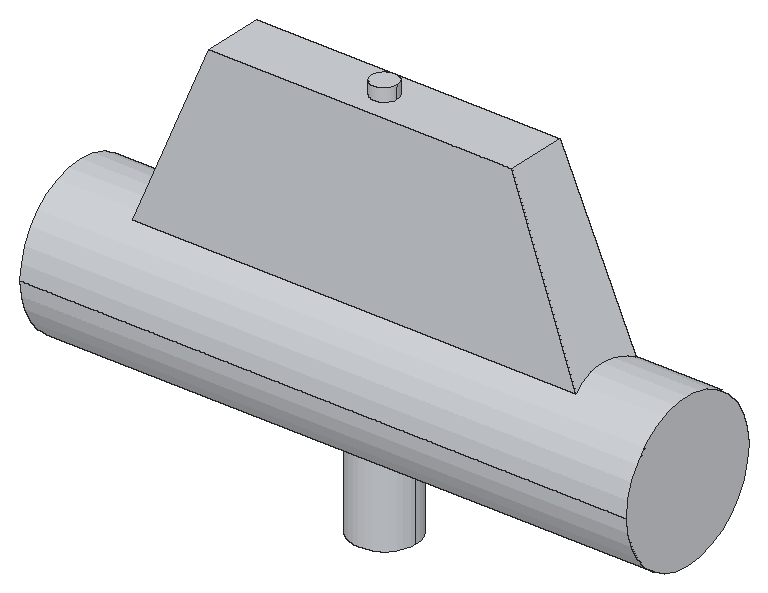
Revit family "c7bd3be1f0cc40f78d4ed2b6dd878249", category Pipe Accessories, Revit 2021
Family settings
  Round Connector Dimension = Use Radius
  Part Type = Breaks Into
  OmniClass Number = 23.65.20.11.11.17
  OmniClass Title = Vents for Liquid Storage Tanks
  Seek Item ID = Air Scoop - 1-1.25 Inch-0000-USA-ENU
  Work Plane-Based = No
  Always vertical = Yes
  Cut with Voids When Loaded = No
  Shared = No
Parameters (values of type "1"")
  Width 2 = 3 / 4 * Nominal Diameter  # 0' - 0 3/4"
  Width 1 = 3 / 5 * Nominal Diameter  # 0' - 0.6"
  Vent Radius = 1/16"
  Vent Outside Radius = 2 * Vent Radius  # 0' - 0 1/8"
  Vent Height = Vent Diameter  # 0' - 0 1/8"
  Vent Flow [instance] = 0 GPM
  Vent Diameter = Vent Radius * 2  # 1/8"
  Separator Length = 0' - 6"
  Separator Height = 0' - 4"
  Outside Radius = 3 / 4 * Nominal Diameter  # 0' - 0 3/4"
  Offset 1 = 2 / 3 * Outside Radius  # 0' - 0 1/2"
  Nominal Radius = 1/2"
  Nominal Diameter = Nominal Radius * 2  # 1"
  Length 2 = 3 / 4 * Separator Length  # 0' - 4 1/2"
  Length 1 = 1 / 2 * Separator Length  # 0' - 3"
  K Coefficient = 1.21
  Flow [instance] = 24 GPM
  Default Elevation = 0' - 0"
  C4 Offset 1 = 0' - 2 1/2"
  Bottom Tank Radius = 1/4"
  Bottom Tank Outside Radius = 1.25 * Bottom Tank Radius  # 0' - 0 5/16"
  Bottom Tank Diameter = Bottom Tank Radius * 2  # 1/2"
  Air Separator Material = none
Types (3): name | Width 2 | Width 1 | Outside Radius | Offset 1 | Nominal Radius | Nominal Diameter
  (no name) | 0' - 0 3/4" | 0' - 0.6" | 0' - 0 3/4" | 0' - 0 1/2" | 1/2" | 1"
  1" | 0' - 0 3/4" | 0' - 0.6" | 0' - 0 3/4" | 0' - 0 1/2" | 1/2" | 1"
  1 1/4" | 0' - 0 15/16" | 0' - 0 3/4" | 0' - 0 15/16" | 0' - 0 5/8" | 5/8" | 1 1/4"
Reference planes (in)
  plane 1 "Center (Front/Back)": y = 0
  plane 2: z = 0
  plane 3 "Center (Left/Right)": x = 0
  plane 4: z = 0.5
  plane 5: z = -1.5
  plane 6: z = 2.375
  plane 7: z = 2.5
  plane 8: y = 0.3
  plane 9: y = -0.3
  plane 10: y = 0.375
  plane 11: y = -0.375
  plane 12: x = -1.5
  plane 13: x = 1.5
  plane 14: x = -2.25
  plane 15: x = 2.25
  plane 16: x = -3
  plane 17: x = 3
Forms (in)
  Extrusion 1, solid, material <- "Air Separator Material"
    sketch origin (-4, -0.85171, 48) x (0, -1, 0) y (0, 0, 1)
      loop
        circle (-0.85171, -48) r 0.75
    from -7 to -1
  Blend 2, solid, material <- "Air Separator Material"
    base sketch origin (0, 0, 0) x (1, 0, 0) y (0, 1, 0)
      loop
        line (-2.25, 0.375) -> (-2.25, -0.375) -> (2.25, -0.375) -> (2.25, 0.375) -> (-2.25, 0.375)
    top sketch origin (0, 0, 0) x (1, 0, 0) y (0, 1, 0)
      loop
        line (-1.5, 0.3) -> (-1.5, -0.3) -> (1.5, -0.3) -> (1.5, 0.3) -> (-1.5, 0.3)
    from 0.5 to 2.375
  Extrusion 3, solid, material <- "Air Separator Material"
    sketch origin (1.33836, -0.00562, 0) x (1, 0, 0) y (0, 1, 0)
      loop
        circle (-1.33836, 0.00562) r 0.125
    from 2.375 to 2.5
  Extrusion 4, solid, material <- "Air Separator Material"
    sketch origin (0, 0, 0) x (1, 0, 0) y (0, 1, 0)
      loop
        circle (0, 0) r 0.3125
    from -1.5 to 0
Cuts and joins
  joined: Extrusion 1, Blend 2, Extrusion 3, Extrusion 4
Dimensions and locks (in)
  "Offset 1": plane 4 to plane 2
  "Vent Height": plane 7 to plane 6
  equal spacing: plane 8, plane 1 "Center (Front/Back)", plane 9
  "Width 1": plane 8 to plane 9
  equal spacing: plane 10, plane 1 "Center (Front/Back)", plane 11
  "Width 2": plane 10 to plane 11
  equal spacing: plane 12, plane 3 "Center (Left/Right)", plane 13
  "Length 1": plane 12 to plane 13
  equal spacing: plane 14, plane 3 "Center (Left/Right)", plane 15
  "Length 2": plane 14 to plane 15
  equal spacing: plane 16, plane 3 "Center (Left/Right)", plane 17
  "Separator Length": plane 16 to plane 17
  "C4 Offset 1": plane 7 to plane 2
  "Separator Height": plane 7 to plane 5
  "Outside Radius": radius of Extrusion 1 sketch curve
  "Vent Outside Radius": radius of Extrusion 3 sketch curve
  "Bottom Tank Outside Radius": radius of Extrusion 4 sketch curve
  aligned and locked: plane 2 to Extrusion 1 sketch curve
  aligned and locked: plane 1 "Center (Front/Back)" to Extrusion 1 sketch curve
  aligned and locked: plane 17 to Extrusion 1
  aligned and locked: plane 16 to Extrusion 1
  aligned and locked: plane 14 to Blend 2 sketch curve
  aligned and locked: Blend 2 sketch curve to plane 10
  aligned and locked: Blend 2 sketch curve to plane 15
  aligned and locked: plane 12 to Blend 2 sketch curve
  aligned and locked: Blend 2 sketch curve to plane 8
  aligned and locked: Blend 2 sketch curve to plane 13
  aligned and locked: Blend 2 sketch curve to plane 11
  aligned and locked: plane 9 to Blend 2 sketch curve
  aligned and locked: Blend 2 sketch curve to plane 12
  aligned and locked: Blend 2 sketch curve to plane 14
  aligned and locked: Blend 2 to plane 4
  aligned and locked: plane 6 to Blend 2
  aligned and locked: Extrusion 3 to plane 6
  aligned and locked: Extrusion 3 to plane 7
  aligned and locked: plane 1 "Center (Front/Back)" to Extrusion 4 sketch curve
  aligned and locked: plane 3 "Center (Left/Right)" to Extrusion 4 sketch curve
  aligned and locked: Extrusion 4 to plane 5
  aligned and locked: level to Extrusion 4
  aligned and locked: plane 3 "Center (Left/Right)" to Extrusion 3 sketch curve
  aligned and locked: plane 1 "Center (Front/Back)" to Extrusion 3 sketch curve
Connectors (in)
  piping at (-3, 0, 0), diameter 1, driven by "Nominal Radius"
    settings: on cut or joined group of Extrusion 1, Blend 2, Extrusion 3, Extrusion 4, index 1, connector inside diameter 1", connector length 0' - 0", flow factor 0, pipe flow 0 GPM, pressure drop 0.00 psi, fitting loss kfactor 0, connector angle 0.00°, fixture units 0, engagement length 0' - 0", angle of deflection 0.00°, flow configuration 0, flow direction 0, fitting loss method 2, system type 29, joint type 0, gender type 0, connector reference index 2, connector utility 0, adjustable connector no, is connector primary yes, connector description "Connected to Boiler/Chiller In"
  piping at (3, 0, 0), diameter 1, driven by "K Coefficient", driven by "Nominal Radius"
    settings: on cut or joined group of Extrusion 1, Blend 2, Extrusion 3, Extrusion 4, index 2, connector inside diameter 1", connector length 0' - 0", flow factor 0, pipe flow 0 GPM, pressure drop 0.00 psi, fitting loss kfactor 1.21, connector angle 0.00°, fixture units 0, engagement length 0' - 0", angle of deflection 0.00°, flow configuration 0, flow direction 0, fitting loss method 2, system type 29, joint type 0, gender type 0, connector reference index 1, connector utility 0, adjustable connector no, is connector primary no, connector description "Connected to Pump Out"
  piping at (0, 0, -1.5), diameter 0.5, driven by "Bottom Tank Radius"
    settings: on cut or joined group of Extrusion 1, Blend 2, Extrusion 3, Extrusion 4, index 3, connector inside diameter 1/2", connector length 0' - 0", flow factor 0, pipe flow 0 GPM, pressure drop 0.00 psi, fitting loss kfactor 0, connector angle 0.00°, fixture units 0, engagement length 0' - 0", angle of deflection 0.00°, flow configuration 1, flow direction 1, fitting loss method 0, system type 29, joint type 0, gender type 0, connector reference index -1, connector utility 0, adjustable connector no, is connector primary no, connector description "Connected to Diaphragm/Compression Tank Out"
  piping at (0, 0, 2.5), diameter 0.125, driven by "Vent Radius"
    settings: on Extrusion 3, index 4, connector inside diameter 1/8", connector length 0' - 0", flow factor 0, pipe flow 0 GPM, pressure drop 0.00 psi, fitting loss kfactor 0, connector angle 0.00°, fixture units 0, engagement length 0' - 0", angle of deflection 0.00°, flow configuration 1, flow direction 2, fitting loss method 0, system type 29, joint type 0, gender type 0, connector reference index -1, connector utility 0, adjustable connector no, is connector primary no, connector description "Connected to Vent or Diaphragm/Compression Tank Out"
